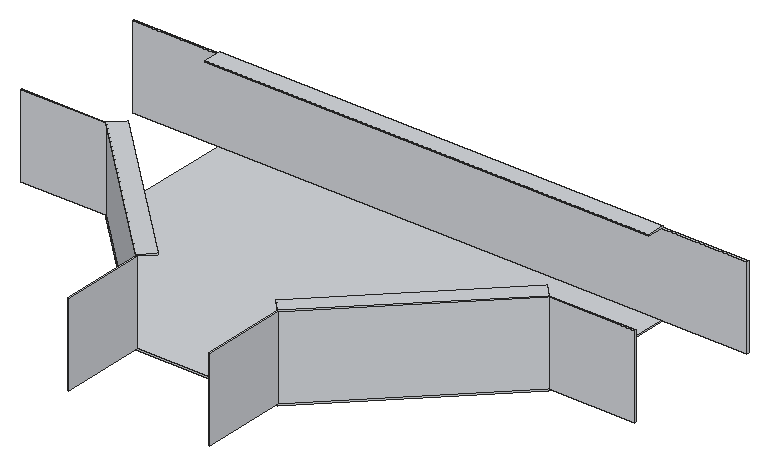
Revit family "T-Abzweigstück_horizontal_ Russia", category Generic Models, Revit 2015
Parameters (values of type "RT 610 FS RU")
  c = 106 mm
  URL = "http://www.obo-bettermann.com"
  Material = Stainless Steel
  Manufacturer Art.No. = "6043302"
  Manufacturer = "OBO Bettermann"
  L = 432.1 mm
  GTIN = "4012196606184"
  Article Type = "RT 610 FS RU"
  A = 98 mm
Types (8, lengths in mm): name | c | Manufacturer Art.No. | L | GTIN | Article Type | A
  (no name) | 106 | "6043302" | 432.1 | "4012196606184" | "RT 610 FS RU" | 98
  RT 610 FS RU | 106 | "6043302" | 432.1 | "4012196606184" | "RT 610 FS RU" | 98
  RT 615 FS RU | 106 | "6043303" | 482.1 | "4012196649358" | "RT 615 FS RU" | 148
  RT 620 FS RU | 141 | "6043304" | 602.8 | "4012196606191" | "RT 620 FS RU" | 198
  RT 630 FS RU | 141 | "6043306" | 702.8 | "4012196606177" | "RT 630 FS RU" | 298
  RT 640 FS RU | 141 | "6043308" | 802.8 | "4012196626038" | "RT 640 FS RU" | 398
  RT 650 FS RU | 141 | "6043310" | 902.8 | "4012196626045" | "RT 650 FS RU" | 498
  RT 660 FS RU | 141 | "6043312" | 1002.8 | "4012196626076" | "RT 660 FS RU" | 598
Reference planes
  plane 1 "Center (Front/Back)": y = 0
  plane 2: z = 0
  plane 3 "Center (Left/Right)": x = 0
  plane 4: y = -206
  plane 5: x = -156.05
  plane 6: x = 156.05
  plane 7: x = -50
  plane 8: x = 50
  plane 9: y = -1
  plane 10: y = -100
  plane 11: z = 1
  plane 12: y = -99
  plane 13: y = -99
  plane 14: x = -49
  plane 15: x = 49
  plane 16: z = 59
  plane 17: z = 60
  plane 18: x = -216.05
  plane 19: x = 216.05
  plane 20: y = -12.56
  plane 21: y = -266
Forms (mm)
  Extrusion 1, solid
    sketch origin (0.558, -2.254, 0) x (1, 0, 0) y (0, 1, 0)
      loop
        line (-50.558, -203.746) -> (49.442, -203.746) -> (155.492, -97.746) -> (155.492, 2.254) -> (-156.608, 2.254) -> (-156.608, -97.746) -> (-50.558, -203.746)
    from 0 to 1
  Extrusion 2, solid
    sketch origin (0, 0, 0) x (1, 0, 0) y (0, 1, 0)
      loop
        line (-216.05, -1) -> (216.05, -1) -> (216.05, 0) -> (-216.05, 0) -> (-216.05, -1)
      loop
        line (-156.05, -100) -> (-50, -206) -> (-50, -266) -> (-49, -266) -> (-49, -206) -> (-156.05, -99) -> (-216.05, -99) -> (-216.05, -100) -> (-156.05, -100)
      loop
        line (156.05, -99) -> (49, -206) -> (49, -266) -> (50, -266) -> (50, -206) -> (156.05, -100) -> (216.05, -100) -> (216.05, -99) -> (156.05, -99)
    from 1 to 59
  Extrusion 3, solid
    sketch origin (0, 0, 0) x (1, 0, 0) y (0, 1, 0)
      loop
        line (-156.05, 0) -> (-156.05, -12.56) -> (156.05, -12.56) -> (156.05, 0) -> (-156.05, 0)
      loop
        line (-156.05, -100) -> (-50, -206) -> (-41.508, -197.508) -> (-147.533, -91.483) -> (-156.05, -100)
      loop
        line (147.581, -91.531) -> (41.556, -197.556) -> (50, -206) -> (156.05, -100) -> (147.581, -91.531)
    from 59 to 60
Lines and regions (mm)
  model lines
    curve 1: line (156.05, -100, 0) -> (50, -206, 0)
    curve 2: line (156.05, -99, 0) -> (49, -206, 0)
    curve 3: line (-156.05, -100, 0) -> (-50, -206, 0)
    curve 4: line (-49, -206, 0) -> (-156.05, -99, 0)
  reference lines
    curve 5: line (156.05, -100, 0) -> (147.581, -91.531, 0)
    curve 6: line (50, -206, 0) -> (41.556, -197.556, 0)
    curve 7: line (147.581, -91.531, 0) -> (41.556, -197.556, 0)
    curve 8: line (-156.05, -100, 0) -> (-147.533, -91.483, 0)
    curve 9: line (-50, -206, 0) -> (-41.508, -197.508, 0)
    curve 10: line (-41.508, -197.508, 0) -> (-147.533, -91.483, 0)
Dimensions and locks
  equal spacing: plane 7, plane 3 "Center (Left/Right)", plane 8  (x2)
  locked: plane 1 "Center (Front/Back)" to plane 9 at 1
  locked: level to plane 11 at 1
  locked: plane 12 to plane 10 at 1
  locked: plane 13 to plane 10 at 1
  locked: plane 7 to plane 14 at 1
  locked: plane 15 to plane 8 at 1
  locked: plane 11 to plane 16 at 58
  locked: plane 16 to plane 17 at 1
  "A": plane 9 to plane 12
  "A": plane 14 to plane 15
  equal spacing: plane 18, plane 3 "Center (Left/Right)", plane 19
  "L": plane 18 to plane 19
  equal spacing: plane 5, plane 3 "Center (Left/Right)", plane 6
  locked: plane 18 to plane 5 at 60
  "c": plane 10 to plane 4
  locked: plane 4 to plane 21 at 60
  aligned and locked: level to plane 2
  aligned and locked: plane 10 to curve 1
  aligned and locked: plane 4 to curve 1
  aligned and locked: curve 2 to plane 15
  aligned and locked: plane 10 to curve 3
  aligned and locked: plane 4 to curve 3
  aligned and locked: plane 12 to curve 4
  aligned and locked: Extrusion 1 sketch curve to plane 4
  aligned and locked: Extrusion 1 sketch curve to curve 1
  aligned and locked: plane 6 to Extrusion 1 sketch curve
  aligned and locked: Extrusion 1 sketch curve to plane 1 "Center (Front/Back)"
  aligned and locked: Extrusion 1 sketch curve to plane 5
  aligned and locked: Extrusion 1 sketch curve to curve 3
  aligned and locked: Extrusion 1 to level
  aligned and locked: plane 11 to Extrusion 1
  aligned and locked: Extrusion 2 sketch curve to plane 9
  aligned and locked: Extrusion 2 sketch curve to Extrusion 1  (x6)
  aligned and locked: Extrusion 2 sketch curve to curve 4  (x2)
  aligned and locked: Extrusion 2 sketch curve to curve 2  (x2)
  aligned and locked: Extrusion 2 to plane 11
  aligned and locked: plane 16 to Extrusion 2
  aligned and locked: curve 5 to Extrusion 1
  aligned and locked: curve 1 to curve 6
  aligned and locked: curve 6 to Extrusion 1
  aligned and locked: curve 8 to curve 3
  aligned and locked: curve 8 to Extrusion 1
  aligned and locked: curve 3 to curve 9
  aligned and locked: curve 9 to Extrusion 1
  aligned and locked: Extrusion 3 sketch curve to Extrusion 1  (x2)
  aligned and locked: Extrusion 3 sketch curve to plane 20
  aligned and locked: plane 6 to Extrusion 3 sketch curve
  aligned and locked: Extrusion 3 sketch curve to Extrusion 2  (x2)
  aligned and locked: Extrusion 3 sketch curve to curve 9
  aligned and locked: Extrusion 3 sketch curve to curve 10
  aligned and locked: Extrusion 3 sketch curve to curve 8
  aligned and locked: Extrusion 3 sketch curve to curve 7
  aligned and locked: Extrusion 3 sketch curve to curve 6
  aligned and locked: Extrusion 3 sketch curve to curve 5
  aligned and locked: Extrusion 3 to plane 16
  aligned and locked: plane 17 to Extrusion 3
  aligned and locked: plane 19 to Extrusion 2 sketch curve
  aligned and locked: plane 18 to Extrusion 2 sketch curve
  aligned and locked: Extrusion 2 sketch curve to plane 18  (x2)
  aligned and locked: Extrusion 2 sketch curve to plane 19  (x2)
  aligned and locked: Extrusion 2 sketch curve to plane 21
  aligned and locked: plane 8 to Extrusion 2 sketch curve
  aligned and locked: plane 21 to Extrusion 2 sketch curve
  aligned and locked: plane 12 to Extrusion 2 sketch curve
Automatic sketch dimensions
  curve 4 to plane 5 = 0 mm
  curve 4 to plane 4 = 0 mm
  curve 4 to plane 14 = 0 mm
  curve 2 to plane 6 = 0 mm
  curve 2 to plane 4 = 0 mm
  plane 12 to curve 2 = 0 mm
  curve 1 to plane 6 = 0 mm
  curve 8 to plane 5 = 0 mm
  curve 9 to plane 4 = 0 mm
  curve 9 to plane 7 = 0 mm
  curve 6 to plane 4 = 0 mm
  curve 6 to plane 8 = 0 mm
  curve 5 to plane 6 = 0 mm
  curve 8 to plane 10 = 0 mm
  curve 5 to plane 10 = 0 mm
  curve 7 to plane 15 = 7.444 mm
  plane 12 to curve 7 = 7.469 mm
  plane 14 to curve 9 = 7.492 mm
  plane 12 to curve 10 = 7.517 mm
  Extrusion 2 sketch curve to plane 6 = 0 mm
